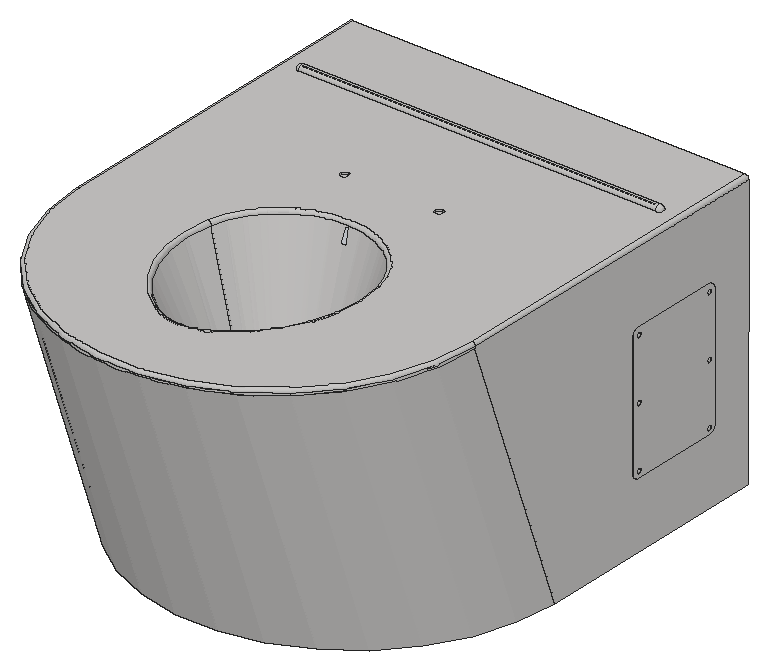
Revit family "RBA5600-001-200", category Plumbing Fixtures, Revit 2021
Family settings
  Round Connector Dimension = Use Diameter
  Part Type = Normal
  OmniClass Number = 23.45.00.00
  OmniClass Title = Sanitary, Laundry, and Cleaning Equipment
  Work Plane-Based = No
  Always vertical = Yes
  Cut with Voids When Loaded = No
  Shared = No
  Room Calculation Point = No
Parameters
  Waste Connection = yes
  Vent Connection = no
  URL = "https://www.rba.com.au/product-category/rba-toilets/toilet-pans/"
  S Trap = yes
  P Trap = no
  Model = "RBA8851-137"
  Materials & Finishes = 1.5mm #304 Stainless Steel Satin Finish
  Manufacturer = "RBA Group"
  Keynote = "1300 788 778"
  HW Connection = no
  Description = "Bariatric Toilet"
  Default Elevation = 0 mm
  Copyrighted By = "RBA Group"
  CW Connection = yes
  Assembly Code = "1300 788 778"
Reference planes
  plane 1 "Center (Front/Back)": y = 0
  plane 2: z = 0
  plane 3 "Center (Left/Right)": x = 0
Forms (mm)
  Blend 1, solid, material "1.5mm #304 Stainless Steel Satin Finish" <- "Materials & Finishes"
    base sketch origin (109.816, 4.418, 0) x (-1, 0, 0) y (0, -1, 0)
      loop
        line (-185.184, -315.582) -> (404.816, -315.582) -> (404.816, 42.018)
        arc (404.816, 42.018) -> (109.816, 337.018) -> (-185.184, 42.018) r 295
        line (-185.184, 42.018) -> (-185.184, -315.582)
    top sketch origin (109.816, 4.418, 0) x (-1, 0, 0) y (0, -1, 0)
      loop
        line (-185.184, -315.582) -> (404.816, -315.582) -> (404.816, 189.418)
        arc (404.816, 189.418) -> (109.816, 484.418) -> (-185.184, 189.418) r 295
        line (-185.184, 189.418) -> (-185.184, -315.582)
    from 0 to 402
  Extrusion 2, void
    sketch origin (5, 0, 0) x (1, 0, 0) y (0, 0, 1)
      loop
        line (240, 395) -> (-250, 395) -> (-250, 35) -> (240, 35) -> (240, 395)
    from -320 to -315
  Blend 3, void
    base sketch origin (5, 0, 0) x (1, 0, 0) y (0, 1, 0)
      loop
        line (285, 315) -> (-295, 315) -> (-295, -37.6)
        arc (-295, -37.6) -> (-5, -327.6) -> (285, -37.6) r 290
        line (285, -37.6) -> (285, 315)
    top sketch origin (5, 0, 0) x (1, 0, 0) y (0, 1, 0)
      loop
        line (285, 315) -> (-295, 315) -> (-295, -185)
        arc (-295, -185) -> (-5, -475) -> (285, -185) r 290
        line (285, -185) -> (285, 315)
    from 5 to 405
  Extrusion 4, void
    sketch origin (5, 0, 0) x (1, 0, 0) y (0, 0, 1)
      loop
        line (258.5, 357.5) -> (258.5, 332.5)
        arc (258.5, 332.5) -> (265, 326) -> (271.5, 332.5) r 6.5
        line (271.5, 332.5) -> (271.5, 357.5)
        arc (271.5, 357.5) -> (265, 364) -> (258.5, 357.5) r 6.5
      loop
        line (258.5, 132.5) -> (258.5, 107.5)
        arc (258.5, 107.5) -> (265, 101) -> (271.5, 107.5) r 6.5
        line (271.5, 107.5) -> (271.5, 132.5)
        arc (271.5, 132.5) -> (265, 139) -> (258.5, 132.5) r 6.5
      loop
        line (-281.5, 357.5) -> (-281.5, 332.5)
        arc (-281.5, 332.5) -> (-275, 326) -> (-268.5, 332.5) r 6.5
        line (-268.5, 332.5) -> (-268.5, 357.5)
        arc (-268.5, 357.5) -> (-275, 364) -> (-281.5, 357.5) r 6.5
      loop
        line (-281.5, 132.5) -> (-281.5, 107.5)
        arc (-281.5, 107.5) -> (-275, 101) -> (-268.5, 107.5) r 6.5
        line (-268.5, 107.5) -> (-268.5, 132.5)
        arc (-268.5, 132.5) -> (-275, 139) -> (-281.5, 132.5) r 6.5
    from -320 to -315
  Extrusion 5, solid, material "1.5mm #304 Stainless Steel Satin Finish" <- "Materials & Finishes"
    sketch origin (0, 0, 0) x (0, 1, 0) y (0, 0, 1)
      loop
        arc (245, 100) -> (252.071, 102.929) -> (255, 110) r 10
        line (255, 110) -> (255, 290)
        arc (255, 290) -> (252.071, 297.071) -> (245, 300) r 10
        line (245, 300) -> (115, 300)
        arc (115, 300) -> (107.929, 297.071) -> (105, 290) r 10
        line (105, 290) -> (105, 110)
        arc (105, 110) -> (107.929, 102.929) -> (115, 100) r 10
        line (115, 100) -> (245, 100)
      loop
        circle (115, 200) r 2.5
      loop
        circle (115, 290) r 2.5
      loop
        circle (115, 110) r 2.5
      loop
        circle (245, 200) r 2.5
      loop
        circle (245, 290) r 2.5
      loop
        circle (245, 110) r 2.5
    from 295 to 297
  Revolve 6, solid, material "1.5mm #304 Stainless Steel Satin Finish"
    sketch origin (167.652, 115, 120.479) x (-1, 0, 0) y (0, 0, -1)
      loop
        line (-129.348, -169.521) -> (-129.348, -166.021)
        arc (-129.348, -166.021) -> (-130.44, -167.624) -> (-130.84, -169.521) r 5
        line (-130.84, -169.521) -> (-129.348, -169.521)
      axis (-129.348, -169.521) -> (-130.84, -169.521)
    angle from 0 to 360
  SweptBlend 7, solid, material "1.5mm #304 Stainless Steel Satin Finish" <- "Materials & Finishes"
    path origin (0, 289.202, -29) x (0, 1, 0) y (0, 0, 1)
      loop
        line (-460, 434) -> (-460, 169)
    profile origin (0, -170.798, 405) x (1, 0, 0) y (0, 1, 0)
      loop
        arc (126.921, 19.406) -> (0, 122.756) -> (-126.921, 19.406) r 129.609
        arc (-126.921, 19.406) -> (-116.928, -92.231) -> (-46.815, -179.677) r 193.853
        arc (-46.815, -179.677) -> (0, -194.202) -> (46.815, -179.677) r 82.707
        arc (46.815, -179.677) -> (116.928, -92.231) -> (126.921, 19.406) r 193.853
    end profile origin (0, -170.798, 140) x (1, 0, 0) y (0, 1, 0)
      loop
        arc (-43.246, -3.246) -> (-36.089, -35.996) -> (-15.926, -62.778) r 78.522
        arc (-15.926, -62.778) -> (0, -68.684) -> (15.926, -62.778) r 24.423
        arc (15.926, -62.778) -> (36.089, -35.996) -> (43.246, -3.246) r 78.522
        arc (43.246, -3.246) -> (0, 40) -> (-43.246, -3.246) r 43.246
  SweptBlend 8, void
    path origin (0, 30, -15) x (0, 1, 0) y (0, 0, 1)
      loop
        line (-215.14, 155) -> (-215.14, 420)
    profile origin (0, -185.14, 140) x (0, -1, 0) y (1, 0, 0)
      loop
        arc (44.645, 12.665) -> (19.569, 31.545) -> (-11.097, 38.246) r 73.522
        arc (-11.097, 38.246) -> (-49.342, 0) -> (-11.097, -38.246) r 38.246
        arc (-11.097, -38.246) -> (19.569, -31.545) -> (44.645, -12.665) r 73.522
        arc (44.645, -12.665) -> (49.342, 0) -> (44.645, 12.665) r 19.423
    end profile origin (0, -185.14, 405) x (0, -1, 0) y (1, 0, 0)
      loop
        arc (-32.735, 122.025) -> (-132.098, 0) -> (-32.735, -122.025) r 124.609
        arc (-32.735, -122.025) -> (76.023, -112.29) -> (161.213, -43.985) r 188.853
        arc (161.213, -43.985) -> (174.86, 0) -> (161.213, 43.985) r 77.707
        arc (161.213, 43.985) -> (76.023, 112.29) -> (-32.735, 122.025) r 188.853
  Extrusion 9, solid, material "1.5mm #304 Stainless Steel Satin Finish" <- "Materials & Finishes"
    sketch origin (0, 0, 0) x (1, 0, 0) y (0, 1, 0)
      loop
        arc (-295, -185) -> (0, -480) -> (295, -185) r 295
        line (295, -185) -> (295, 320) -> (-295, 320) -> (-295, -185)
      loop
        arc (-122.025, -152.405) -> (-112.29, -261.163) -> (-43.985, -346.353) r 188.853
        arc (-43.985, -346.353) -> (0, -360) -> (43.985, -346.353) r 77.707
        arc (43.985, -346.353) -> (112.29, -261.163) -> (122.025, -152.405) r 188.853
        arc (122.025, -152.405) -> (0, -53.042) -> (-122.025, -152.405) r 124.609
    from 410 to 402
  Sweep 10, solid
    path origin (0, 361.018, -46) x (0, 1, 0) y (0, 0, 1)
      loop
        line (-545.5, 186) -> (-545.5, 173)
        arc (-545.5, 173) -> (-487.5, 115) -> (-429.5, 173) r 58
        line (-429.5, 173) -> (-429.5, 186)
    profile origin (0, -126.482, 69) x (0, 0, 1) y (1, 0, 0)
      loop
        circle (0, 0) r 55
  Extrusion 11, solid
    sketch origin (0, 348.577, 205) x (1, 0, 0) y (0, 0, 1)
      loop
        circle (0, -10) r 50
      loop
        circle (0, -10) r 48
    from 248.577 to 361.684
  Sweep 12, solid
    path origin (0, 181.648, -15) x (0, 1, 0) y (0, 0, 1)
      loop
        arc (-194.755, 210) -> (-233.646, 193.891) -> (-249.755, 155) r 55
    profile origin (0, -51.998, 178.891) x (0, 0.707107, -0.707107) y (1, 0, 0)
      loop
        circle (0, 0) r 50
      loop
        circle (0, 0) r 48
  Extrusion 13, solid
    sketch origin (0, 360, -39.052) x (1, 0, 0) y (0, 0, 1)
      loop
        circle (0, 394.052) r 28
      loop
        circle (0, 394.052) r 30
    from 170 to 185
  Extrusion 14, solid
    sketch origin (0, 375, -28) x (1, 0, 0) y (0, 0, 1)
      loop
        line (50, 433) -> (50, 413) -> (52, 413) -> (52, 431) -> (70, 431) -> (70, 433) -> (50, 433)
      loop
        line (-50, 433) -> (-70, 433) -> (-70, 431) -> (-52, 431) -> (-52, 413) -> (-50, 413) -> (-50, 433)
    from 190 to 205
  Extrusion 15, solid
    sketch origin (0, 265, -15) x (1, 0, 0) y (0, 0, 1)
      loop
        line (50, 420) -> (50, 400) -> (52, 400) -> (52, 418) -> (70, 418) -> (70, 420) -> (50, 420)
      loop
        line (-50, 420) -> (-70, 420) -> (-70, 418) -> (-52, 418) -> (-52, 400) -> (-50, 400) -> (-50, 420)
    from 190 to 205
  Extrusion 16, solid
    sketch origin (0, 32.64, -15) x (0, 1, 0) y (0, 0, 1)
      loop
        line (-92.87, 398.033) -> (147.36, 337) -> (152.36, 337) -> (152.36, 417) -> (-86.763, 417) -> (-92.87, 398.033)
    from 50 to -50
  Revolve 17, solid, material "1.5mm #304 Stainless Steel Satin Finish"
    sketch origin (167.652, 115, 30.479) x (-1, 0, 0) y (0, 0, -1)
      loop
        line (-129.348, -169.521) -> (-129.348, -166.021)
        arc (-129.348, -166.021) -> (-130.44, -167.624) -> (-130.84, -169.521) r 5
        line (-130.84, -169.521) -> (-129.348, -169.521)
      axis (-129.348, -169.521) -> (-130.84, -169.521)
    angle from 0 to 360
  Revolve 18, solid, material "1.5mm #304 Stainless Steel Satin Finish"
    sketch origin (167.652, 115, -59.521) x (-1, 0, 0) y (0, 0, -1)
      loop
        line (-129.348, -169.521) -> (-129.348, -166.021)
        arc (-129.348, -166.021) -> (-130.44, -167.624) -> (-130.84, -169.521) r 5
        line (-130.84, -169.521) -> (-129.348, -169.521)
      axis (-129.348, -169.521) -> (-130.84, -169.521)
    angle from 0 to 360
  Revolve 19, solid, material "1.5mm #304 Stainless Steel Satin Finish"
    sketch origin (167.652, 245, 120.479) x (-1, 0, 0) y (0, 0, -1)
      loop
        line (-129.348, -169.521) -> (-129.348, -166.021)
        arc (-129.348, -166.021) -> (-130.44, -167.624) -> (-130.84, -169.521) r 5
        line (-130.84, -169.521) -> (-129.348, -169.521)
      axis (-129.348, -169.521) -> (-130.84, -169.521)
    angle from 0 to 360
  Revolve 20, solid, material "1.5mm #304 Stainless Steel Satin Finish"
    sketch origin (167.652, 245, 30.479) x (-1, 0, 0) y (0, 0, -1)
      loop
        line (-129.348, -169.521) -> (-129.348, -166.021)
        arc (-129.348, -166.021) -> (-130.44, -167.624) -> (-130.84, -169.521) r 5
        line (-130.84, -169.521) -> (-129.348, -169.521)
      axis (-129.348, -169.521) -> (-130.84, -169.521)
    angle from 0 to 360
  Revolve 21, solid, material "1.5mm #304 Stainless Steel Satin Finish"
    sketch origin (167.652, 245, -59.521) x (-1, 0, 0) y (0, 0, -1)
      loop
        line (-129.348, -169.521) -> (-129.348, -166.021)
        arc (-129.348, -166.021) -> (-130.44, -167.624) -> (-130.84, -169.521) r 5
        line (-130.84, -169.521) -> (-129.348, -169.521)
      axis (-129.348, -169.521) -> (-130.84, -169.521)
    angle from 0 to 360
  Extrusion 22, solid, material "1.5mm #304 Stainless Steel Satin Finish" <- "Materials & Finishes"
    sketch origin (10, 0, 0) x (0, 1, 0) y (0, 0, -1)
      loop
        line (245, -100) -> (115, -100)
        arc (115, -100) -> (107.929, -102.929) -> (105, -110) r 10
        line (105, -110) -> (105, -290)
        arc (105, -290) -> (107.929, -297.071) -> (115, -300) r 10
        line (115, -300) -> (245, -300)
        arc (245, -300) -> (252.071, -297.071) -> (255, -290) r 10
        line (255, -290) -> (255, -110)
        arc (255, -110) -> (252.071, -102.929) -> (245, -100) r 10
      loop
        circle (115, -200) r 2.5
      loop
        circle (115, -290) r 2.5
      loop
        circle (115, -110) r 2.5
      loop
        circle (245, -200) r 2.5
      loop
        circle (245, -290) r 2.5
      loop
        circle (245, -110) r 2.5
    from 305 to 307
  Revolve 23, solid, material "1.5mm #304 Stainless Steel Satin Finish"
    sketch origin (-167.652, 115, 120.479) x (1, 0, 0) y (0, 0, 1)
      loop
        line (-129.348, 169.521) -> (-130.84, 169.521)
        arc (-130.84, 169.521) -> (-130.44, 167.624) -> (-129.348, 166.021) r 5
        line (-129.348, 166.021) -> (-129.348, 169.521)
      axis (-129.348, 169.521) -> (-130.84, 169.521)
    angle from 0 to 360
  Revolve 24, solid, material "1.5mm #304 Stainless Steel Satin Finish"
    sketch origin (-167.652, 115, 30.479) x (1, 0, 0) y (0, 0, 1)
      loop
        line (-129.348, 169.521) -> (-130.84, 169.521)
        arc (-130.84, 169.521) -> (-130.44, 167.624) -> (-129.348, 166.021) r 5
        line (-129.348, 166.021) -> (-129.348, 169.521)
      axis (-129.348, 169.521) -> (-130.84, 169.521)
    angle from 0 to 360
  Revolve 25, solid, material "1.5mm #304 Stainless Steel Satin Finish"
    sketch origin (-167.652, 115, -59.521) x (1, 0, 0) y (0, 0, 1)
      loop
        line (-129.348, 169.521) -> (-130.84, 169.521)
        arc (-130.84, 169.521) -> (-130.44, 167.624) -> (-129.348, 166.021) r 5
        line (-129.348, 166.021) -> (-129.348, 169.521)
      axis (-129.348, 169.521) -> (-130.84, 169.521)
    angle from 0 to 360
  Revolve 26, solid, material "1.5mm #304 Stainless Steel Satin Finish"
    sketch origin (-167.652, 245, 120.479) x (1, 0, 0) y (0, 0, 1)
      loop
        line (-129.348, 169.521) -> (-130.84, 169.521)
        arc (-130.84, 169.521) -> (-130.44, 167.624) -> (-129.348, 166.021) r 5
        line (-129.348, 166.021) -> (-129.348, 169.521)
      axis (-129.348, 169.521) -> (-130.84, 169.521)
    angle from 0 to 360
  Revolve 27, solid, material "1.5mm #304 Stainless Steel Satin Finish"
    sketch origin (-167.652, 245, 30.479) x (1, 0, 0) y (0, 0, 1)
      loop
        line (-129.348, 169.521) -> (-130.84, 169.521)
        arc (-130.84, 169.521) -> (-130.44, 167.624) -> (-129.348, 166.021) r 5
        line (-129.348, 166.021) -> (-129.348, 169.521)
      axis (-129.348, 169.521) -> (-130.84, 169.521)
    angle from 0 to 360
  Revolve 28, solid, material "1.5mm #304 Stainless Steel Satin Finish"
    sketch origin (-167.652, 245, -59.521) x (1, 0, 0) y (0, 0, 1)
      loop
        line (-129.348, 169.521) -> (-130.84, 169.521)
        arc (-130.84, 169.521) -> (-130.44, 167.624) -> (-129.348, 166.021) r 5
        line (-129.348, 166.021) -> (-129.348, 169.521)
      axis (-129.348, 169.521) -> (-130.84, 169.521)
    angle from 0 to 360
  Extrusion 29, void
    sketch origin (0, 0, 0) x (1, 0, 0) y (0, 1, 0)
      loop
        circle (70, 30) r 6
      loop
        circle (-70, 30) r 6
    from 410 to 408
  Revolve 30, solid, material "1.5mm #304 Stainless Steel Satin Finish" <- "Materials & Finishes"
    sketch origin (-4.295, 27.526, 410) x (1, 0, 0) y (0, 1, 0)
      loop
        line (-265.705, 166.474) -> (-263.205, 166.474)
        arc (-263.205, 166.474) -> (-262.18, 168.949) -> (-259.705, 169.974) r 3.5
        line (-259.705, 169.974) -> (268.295, 169.974)
        arc (268.295, 169.974) -> (270.77, 168.949) -> (271.795, 166.474) r 3.5
        line (271.795, 166.474) -> (274.295, 166.474)
        arc (274.295, 166.474) -> (272.538, 170.717) -> (268.295, 172.474) r 6
        line (268.295, 172.474) -> (-259.705, 172.474)
        arc (-259.705, 172.474) -> (-263.948, 170.717) -> (-265.705, 166.474) r 6
      axis (-265.705, 166.474) -> (274.295, 166.474)
    angle from 180 to 360
  Sweep 31, void
    path in 3D
      loop
        arc (-122.025, -152.405, 410) -> (-112.29, -261.163, 410) -> (-43.985, -346.353, 410) r 188.853
        arc (-43.985, -346.353, 410) -> (0, -360, 410) -> (43.985, -346.353, 410) r 77.707
        arc (43.985, -346.353, 410) -> (112.29, -261.163, 410) -> (122.025, -152.405, 410) r 188.853
        arc (122.025, -152.405, 410) -> (0, -53.042, 410) -> (-122.025, -152.405, 410) r 124.609
    profile origin (0, -53.042, 410) x (0, -1, 0) y (0, 0, 1)
      loop
        line (0, 0) -> (-5, 0)
        arc (-5, 0) -> (-1.464, -1.464) -> (0, -5) r 5
        line (0, -5) -> (0, 0)
  Sweep 32, void
    path in 3D
      loop
        line (-295, 320, 410) -> (-295, -185, 410)
        arc (-295, -185, 410) -> (0, -480, 410) -> (295, -185, 410) r 295
        line (295, -185, 410) -> (295, 320, 410)
    profile origin (-295, 67.5, 410) x (1, 0, 0) y (0, 0, 1)
      loop
        line (0, 0) -> (0, -5)
        arc (0, -5) -> (1.464, -1.464) -> (5, 0) r 5
        line (5, 0) -> (0, 0)
  Extrusion 33, void
    sketch origin (0, 0, 0) x (1, 0, 0) y (0, 1, 0)
      loop
        arc (-90, 300) -> (-97.071, 297.071) -> (-100, 290) r 10
        line (-100, 290) -> (-100, 20)
        arc (-100, 20) -> (-97.071, 12.929) -> (-90, 10) r 10
        line (-90, 10) -> (90, 10)
        arc (90, 10) -> (97.071, 12.929) -> (100, 20) r 10
        line (100, 20) -> (100, 290)
        arc (100, 290) -> (97.071, 297.071) -> (90, 300) r 10
        line (90, 300) -> (-90, 300)
      loop
        circle (-245, 240) r 6.5
      loop
        circle (245, 240) r 6.5
      loop
        circle (125, -165) r 6.5
      loop
        line (251.5, 40) -> (251.5, 50)
        arc (251.5, 50) -> (245, 56.5) -> (238.5, 50) r 6.5
        line (238.5, 50) -> (238.5, 40)
        arc (238.5, 40) -> (245, 33.5) -> (251.5, 40) r 6.5
      loop
        line (-240, 51.5) -> (-250, 51.5)
        arc (-250, 51.5) -> (-256.5, 45) -> (-250, 38.5) r 6.5
        line (-250, 38.5) -> (-240, 38.5)
        arc (-240, 38.5) -> (-233.5, 45) -> (-240, 51.5) r 6.5
      loop
        circle (-125, -165) r 6.5
    from 5 to 0
  Extrusion 34, solid
    sketch origin (-1507.871, -73.677, 5) x (0.999045, 0.043703, 0) y (0, 0, 1)
      loop
        line (1677.395, 0) -> (1707.395, 0) -> (1707.395, 30) -> (1677.395, 30) -> (1677.395, 0)
    from 155.989 to -295.652
  Extrusion 35, solid
    sketch origin (-23.236, -126.972, 0) x (-0.999048, 0.043619, 0) y (-0.043619, -0.999048, 0)
      loop
        line (150.057, -260.859) -> (150.057, -290.859) -> (180.056, -290.859) -> (180.056, -260.859) -> (150.057, -260.859)
    from 372 to 35
  Extrusion 36, solid
    sketch origin (-23.236, -381.972, 0) x (-0.999048, 0.043619, 0) y (-0.043619, -0.999048, 0)
      loop
        line (161.201, -255.617) -> (161.201, -285.617) -> (191.201, -285.617) -> (191.201, -255.617) -> (161.201, -255.617)
    from 372 to 35
  Extrusion 37, solid
    sketch origin (1507.871, -73.677, 372) x (-0.999045, 0.043703, 0) y (0, 0, -1)
      loop
        line (1677.395, 0) -> (1677.395, -30) -> (1707.395, -30) -> (1707.395, 0) -> (1677.395, 0)
    from 344.348 to -314.296
  Extrusion 38, solid
    sketch origin (1507.871, -73.677, 5) x (-0.999045, 0.043703, 0) y (0, 0, -1)
      loop
        line (1677.395, 0) -> (1677.395, -30) -> (1707.395, -30) -> (1707.395, 0) -> (1677.395, 0)
    from 155.989 to -295.652
  Extrusion 39, solid
    sketch origin (23.236, -126.972, 0) x (0.999048, 0.043619, 0) y (-0.043619, 0.999048, 0)
      loop
        line (150.057, 260.859) -> (180.056, 260.859) -> (180.056, 290.859) -> (150.057, 290.859) -> (150.057, 260.859)
    from 372 to 35
  Extrusion 40, solid
    sketch origin (23.236, -381.972, 0) x (0.999048, 0.043619, 0) y (-0.043619, 0.999048, 0)
      loop
        line (161.201, 255.617) -> (191.201, 255.617) -> (191.201, 285.617) -> (161.201, 285.617) -> (161.201, 255.617)
    from 372 to 35
  Extrusion 41, solid
    sketch origin (-1507.871, -73.677, 372) x (0.999045, 0.043703, 0) y (0, 0, 1)
      loop
        line (1677.395, 0) -> (1707.395, 0) -> (1707.395, 30) -> (1677.395, 30) -> (1677.395, 0)
    from 344.348 to -314.296
Cuts and joins
  joined: Extrusion 11, Sweep 12
  Extrusion 2, Blend 3, Extrusion 4, SweptBlend 8, Sweep 32, Extrusion 33 cuts Blend 1
  SweptBlend 8, Sweep 32, Extrusion 33 cuts Extrusion 5
  SweptBlend 8, Sweep 32, Extrusion 33 cuts SweptBlend 7
  Extrusion 29, Sweep 31, Sweep 32, Extrusion 33 cuts Extrusion 9
  Sweep 31, Sweep 32, Extrusion 33 cuts Revolve 30
  joined: Blend 1, Extrusion 5, SweptBlend 7, Extrusion 9, Extrusion 22, Revolve 30
Lines and regions (mm)
  sketch lines
    curve 1: arc (122.025, -152.405, 410) -> (0, -53.042, 410) -> (-122.025, -152.405, 410) r 124.609
    curve 2: arc (-122.025, -152.405, 410) -> (-112.29, -261.163, 410) -> (-43.985, -346.353, 410) r 188.853
    curve 3: arc (-43.985, -346.353, 410) -> (0, -360, 410) -> (43.985, -346.353, 410) r 77.707
    curve 4: arc (43.985, -346.353, 410) -> (112.29, -261.163, 410) -> (122.025, -152.405, 410) r 188.853
    curve 5: line (-295, 320, 410) -> (-295, -185, 410)
    curve 6: arc (295, -185, 410) -> (0, -480, 410) -> (-295, -185, 410) r 295
    curve 7: line (295, -185, 410) -> (295, 320, 410)
Dimensions and locks
  aligned and locked: level to plane 2
